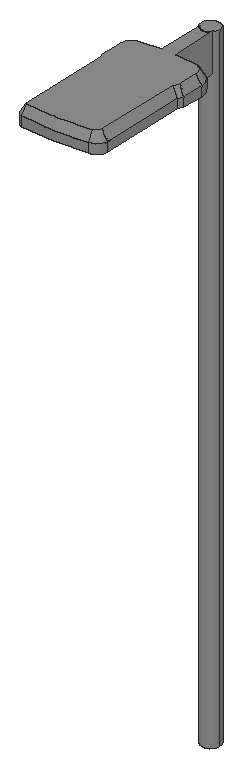
Revit family "VP-3-AD_U", category Lighting Fixtures, host Face, Revit 2019
Family settings
  Host = Face
  Round Connector Dimension = Use Diameter
  Part Type = Normal
  OmniClass Number = 23.80.70.11.14.17
  OmniClass Title = Direct/Indirect
  Cut with Voids When Loaded = No
  Light Source = No
  Shared = Yes
  Room Calculation Point = No
Parameters (values of type "VP-3-AD3U")
  Wattage Comments = "423 W"  # constant formula
  Warranty = "Five year warranty"  # constant formula
  Voltage = 120 V
  URL = "https://www.currentlighting.com/beacon"
  Type Comments = "Lighting Fixture"  # constant formula
  Product Page URL = "https://www.currentlighting.com/outdoor-lighting/viper-area-size-3/9606405"
  Product Documentation Link = "https://cdn.currentlighting.com/site/specsheet/BEA_VIPERSPEC.pdf"
  Power Factor = 0.9
  Pole Radius [instance] = Pole Size / 2  # 1.75"
  Pole Height [instance] = 120.00"
  Name = "Viper Area Size 3"  # constant formula
  Mounting Block Size [instance] = Pole Size - 1.00"  # 2.50"
  Model = "VP-3-AD3U"
  Matt Grey = MATT GREY
  Matt Black = Matt Black
  Manufacturer = "Current Lighting"  # constant formula
  Load Classification = Lighting
  Light Output = 30846.00 cd/m²
  Lamp = "LED"  # constant formula
  Grey = Grey
  Glass = Glass
  Pole Size [instance] = 3.50"
  Features = "Featuring two different optical technologies, Micro Strike and Strike Optics, which provide the best distribution patterns for retrofit or new construction\r\nVibration rated for high vibration applications including bridges and overpasses\r\nControl options including photo control, occupancy sensing, NX Lighting Controls, wiSCAPE and 7-Pin with networked controls\r\nMounting options include: Arm, Universal Arm, Adjustable Arm, Mast Arm, Decorative Arm, Knuckle, Trunnion, Wall\r\nDistribution options include: Auto Front Row, Type 2, Type 3, Type 4 Forward, Type 4 Wide, Type 5 Narrow, Type 5 Medium, Type 5 Wide, Type 5 Rectangular, Corner Optic, and Tennis Court\r\n\r\n"  # constant formula
  Copyright = "© 2022 Current Lighting"  # constant formula
  Cool Grey = Cool Grey
  Contact Us = "https://www.currentlighting.com/contact-us"
  Certification = "UL"  # constant formula
  Description = "The Viper is an extremely versatile area/site luminaire which blends design, performance, and technology for a variety of applications."  # constant formula
  Default Elevation = 48.00"
  Finish = Arctic White
  Matt White = Matt White
  CRI = "70"  # constant formula
  Brand = "Beacon"  # constant formula
  Assembly Code = "D5020200"
  Apparent Load = 423 VA  # constant formula
Reference planes (in)
  plane 1 "Center (Front/Back)": y = 6.16697
  plane 2: z = 0
  plane 3 "Center (Left/Right)": x = 0
  plane 4: z = 3.75
  plane 5: z = -4.44
  plane 6: x = -1.75
  plane 7: x = 1.75
  plane 8: y = 4.41697
  plane 9: y = 7.91697
  plane 10: z = 120
Forms (in)
  Extrusion 1, solid, material "Cool Grey" <- "Cool Grey"
    sketch origin (0, 0, 0) x (1, 0, 0) y (0, 1, 0)
      loop
        circle (0, 6.16697) r 1.75
    from 0 to 120
Lines and regions (in)
  reference lines
    curve 1: line (0, 14.42606, -3.25) -> (0, 17.42606, -0.25)
    curve 2: line (0, -2.09213, -3.25) -> (0, 14.42606, -3.25)
    curve 3: line (0, -5.09213, -0.25) -> (0, -2.09213, -3.25)
    curve 4: line (0, 14.42606, -3.25) -> (0, 17.42606, -0.25)
    curve 5: line (0, -5.09213, -0.25) -> (0, 17.42606, -0.25)
    curve 6: line (0, 17.17606, -0.77432) -> (0, 17.92606, -0.77432)
    curve 7: line (0, 17.17606, -1.52432) -> (0, 17.17606, -0.77432)
    curve 8: line (0, 16.69614, -1.52432) -> (0, 17.17606, -1.52432)
    curve 9: line (0, 14.92606, -4.25) -> (0, 16.69614, -1.52432)
    curve 10: line (0, -4.3622, -1.52432) -> (0, -2.59213, -4.25)
    curve 11: line (0, -4.84213, -1.52432) -> (0, -4.3622, -1.52432)
    curve 12: line (0, -4.84213, -0.77432) -> (0, -4.84213, -1.52432)
    curve 13: line (0, -5.59213, -0.77432) -> (0, -4.84213, -0.77432)
Dimensions and locks (in)
  plane 4 to plane 2 = 3.75"
  "Pole Size": plane 8 to plane 9
  equal spacing: plane 8, plane 1 "Center (Front/Back)", plane 9
  equal spacing: plane 6, plane 3 "Center (Left/Right)", plane 7
  "Pole Size": plane 6 to plane 7
  "Pole Height": plane 10 to plane 2
  "Pole Radius": radius of Extrusion 1 sketch curve
  aligned and locked: plane 2 to host face
  aligned and locked: level to host face
  aligned and locked: plane 10 to Extrusion 1
  aligned and locked: plane 3 "Center (Left/Right)" to nested 1
  aligned and locked: nested 1 to plane 10
Automatic sketch dimensions
  host sketch curve to host sketch curve = 96.00"
  host sketch curve to host sketch curve = 85.00"
  curve 3 to level = 0.25"
  plane 8 to curve 3 = 9.50909"
  curve 3 to curve 12 = 0.25"
  curve 11 to curve 11 = 0.47992"
  curve 2 to plane 5 = 1.19"
  curve 10 to curve 2 = 2.27008"
  curve 1 to plane 9 = 6.50909"
  curve 9 to level = 1.52432"
  curve 1 to curve 9 = 2.27008"
  curve 8 to curve 8 = 0.47992"
  curve 6 to curve 4 = 0.25"
  curve 10 to curve 3 = 1.27432"
  curve 7 to curve 1 = 0.52432"
  curve 12 to curve 3 = 0.52432"
  curve 13 to curve 3 = 0.50"
  curve 10 to plane 5 = 0.19"
  curve 10 to curve 2 = 0.50"
  curve 9 to plane 5 = 0.19"
  curve 1 to curve 9 = 0.50"
  curve 1 to curve 6 = 0.50"
  plane 1 "Center (Front/Back)" to Extrusion 1 sketch curve = 0.00"
  Extrusion 1 sketch curve to plane 3 "Center (Left/Right)" = 0.00"
Nested families (in)
  nested 1: "SIZE3-ADU" at (0, 4.41697, 118.26) x (1, 0, 0) z (0, -1, 0), type "SIZE3-ADU"
Connectors (in)
  electrical at (0, 6.16697, 0), driven by "Power Factor", driven by "Apparent Load", driven by "Voltage"
    settings: on Extrusion 1, index 1, voltage 120 V, apparent load 423 VA, apparent load phase1 0 VA, apparent load phase2 0 VA, apparent load phase3 0 VA, power factor 0.9, load classification "Other", number of poles 1, system type 30, power factor state 1, is connector primary yes, connector utility no, sub classification motor no, connector description "Light Fixture"
Definition of nested family "SIZE3-ADU"
  Parameters (values of type "SIZE3-ADU")
    Width = 16.11"
    Wattage = 423.2 W
    built-in parameter 1150110 = 1 (stored number, unit not read)
    built-in parameter 1114217 = 1 (stored number, unit not read)
    Tilt Angle = 160.00°
    built-in parameter 1150109 = 1 (stored number, unit not read)
    built-in parameter 1150134 = 3
    built-in parameter 1150113 = 1 (stored number, unit not read)
    Photometric Web File = "VP-3-480L-425-3K7-4W-BC.ies"
    Mount Length = 7.50"
    built-in parameter 1150105 = 2458.4 (stored number, unit not read)
    Lumens = 30893.6 lm
    built-in parameter 1150115 = 1 (stored number, unit not read)
    built-in parameter 1150137 = (empty or 0)
    built-in parameter 1150139 = (empty or 0)
    Length = 26.97"
    built-in parameter 1150112 = 1 (stored number, unit not read)
    built-in parameter 1150114 = 1 (stored number, unit not read)
    built-in parameter 1150132 = (empty or 0)
    built-in parameter 1150102 = (empty or 0)
    built-in parameter 1150107 = 3200 (stored number, unit not read)
    built-in parameter 1150138 = (empty or 0)
    built-in parameter 1150106 = 24.584 (stored number, unit not read)
    Glass = none
    Fixture = none
    built-in parameter 1150104 = 6.7819 (stored number, unit not read)
    Dimming Lamp Color Temperature Shift = (empty or 0)
    Default Elevation = 48.00"
    Color Filter = 16777215
    built-in parameter 1114218 = 1 (stored number, unit not read)
    built-in parameter 1150133 = 10 (stored number, unit not read)
  Reference planes (in)
    plane 1 "Center (Front/Back)": y = 0
    plane 2: z = 0
    plane 3 "Center (Left/Right)": x = 0
    plane 4: x = 8.055
    plane 5: x = -8.055
    plane 6: z = 7.5
    plane 7: z = 34.47
    plane 8: y = -1.74
    plane 9: y = 1.74
  Forms (in)
    Extrusion 1, solid
      sketch origin (0, 0, 0) x (1, 0, 0) y (0, 1, 0)
        loop
          line (-48, 48) -> (-48, -48) -> (48, -48) -> (48, 48) -> (-48, 48)
      from 0 to -12
    Extrusion 2, solid, material <- "Fixture"
      sketch origin (0, 0, 0) x (1, 0, 0) y (0, 0, 1)
        loop
          line (-7.77472, 15.72202) -> (-8.18, 14.67799) -> (-8.18, 10.64521)
          arc (-8.18, 10.64521) -> (-7.52407, 8.68733) -> (-5.82104, 7.51974) r 3.25
          arc (-5.82104, 7.51974) -> (0, 7.02866) -> (5.82104, 7.51974) r 34.74571
          arc (5.82104, 7.51974) -> (7.52407, 8.68733) -> (8.18, 10.64521) r 3.25
          line (8.18, 10.64521) -> (8.18, 14.67799) -> (7.7425, 15.80502) -> (7.7425, 32.05879)
          arc (7.7425, 32.05879) -> (7.16964, 33.45997) -> (5.77922, 34.05846) r 2
          arc (5.77922, 34.05846) -> (-0.48981, 34.44343) -> (-6.75192, 33.95884) r 45.36519
          arc (-6.75192, 33.95884) -> (-7.48558, 33.52919) -> (-7.77472, 32.72966) r 1.25
          line (-7.77472, 32.72966) -> (-7.77472, 15.72202)
      from 0 to 1.74
    Extrusion 3, void
      sketch origin (0, 0, 0) x (1, 0, 0) y (0, 0, 1)
        loop
          arc (-6.77608, 15.13973) -> (0.07705, 15.56709) -> (6.93, 15.13674) r 54.96889
          line (6.93, 15.13674) -> (6.93, 32.15182) -> (-6.77608, 32.15182) -> (-6.77608, 15.13973)
      from 1 to 1.75
    Extrusion 4, solid, material <- "Glass"
      sketch origin (0, 0, 0) x (1, 0, 0) y (0, 0, 1)
        loop
          arc (-5.55487, 32.15182) -> (-5.80236, 32.04931) -> (-5.90487, 31.80182) r 0.35
          line (-5.90487, 31.80182) -> (-5.90487, 27.00182)
          arc (-5.90487, 27.00182) -> (-5.80236, 26.75434) -> (-5.55487, 26.65182) r 0.35
          line (-5.55487, 26.65182) -> (5.55487, 26.65182)
          arc (5.55487, 26.65182) -> (5.80236, 26.75434) -> (5.90487, 27.00182) r 0.35
          line (5.90487, 27.00182) -> (5.90487, 31.80182)
          arc (5.90487, 31.80182) -> (5.80236, 32.04931) -> (5.55487, 32.15182) r 0.35
          line (5.55487, 32.15182) -> (-5.55487, 32.15182)
      from 1 to 1.35
    Extrusion 5, solid, material <- "Glass"
      sketch origin (0.75, 0, 0.125) x (1, 0, 0) y (0, 0, 1)
        loop
          circle (-5.72329, 31.32694) r 0.15
        loop
          circle (-5.20455, 31.32694) r 0.15
        loop
          circle (-4.6858, 31.32694) r 0.15
        loop
          circle (-4.16705, 31.32694) r 0.15
        loop
          circle (-3.6483, 31.32694) r 0.15
        loop
          circle (-3.12955, 31.32694) r 0.15
        loop
          circle (-2.6108, 31.32694) r 0.15
        loop
          circle (-2.09205, 31.32694) r 0.15
        loop
          circle (-1.57331, 31.32694) r 0.15
        loop
          circle (-5.72329, 30.82694) r 0.15
        loop
          circle (-5.20455, 30.82694) r 0.15
        loop
          circle (-4.6858, 30.82694) r 0.15
        loop
          circle (-4.16705, 30.82694) r 0.15
        loop
          circle (-3.6483, 30.82694) r 0.15
        loop
          circle (-3.12955, 30.82694) r 0.15
        loop
          circle (-2.6108, 30.82694) r 0.15
        loop
          circle (-2.09205, 30.82694) r 0.15
        loop
          circle (-1.57331, 30.82694) r 0.15
        loop
          circle (-5.72329, 30.32694) r 0.15
        loop
          circle (-5.20455, 30.32694) r 0.15
        loop
          circle (-4.6858, 30.32694) r 0.15
        loop
          circle (-4.16705, 30.32694) r 0.15
        loop
          circle (-3.6483, 30.32694) r 0.15
        loop
          circle (-3.12955, 30.32694) r 0.15
        loop
          circle (-2.6108, 30.32694) r 0.15
        loop
          circle (-2.09205, 30.32694) r 0.15
        loop
          circle (-1.57331, 30.32694) r 0.15
        loop
          circle (-5.72329, 29.82694) r 0.15
        loop
          circle (-5.20455, 29.82694) r 0.15
        loop
          circle (-4.6858, 29.82694) r 0.15
        loop
          circle (-4.16705, 29.82694) r 0.15
        loop
          circle (-3.6483, 29.82694) r 0.15
        loop
          circle (-3.12955, 29.82694) r 0.15
        loop
          circle (-2.6108, 29.82694) r 0.15
        loop
          circle (-2.09205, 29.82694) r 0.15
        loop
          circle (-1.57331, 29.82694) r 0.15
        loop
          circle (-5.72329, 29.32694) r 0.15
        loop
          circle (-5.20455, 29.32694) r 0.15
        loop
          circle (-4.6858, 29.32694) r 0.15
        loop
          circle (-4.16705, 29.32694) r 0.15
        loop
          circle (-3.6483, 29.32694) r 0.15
        loop
          circle (-3.12955, 29.32694) r 0.15
        loop
          circle (-2.6108, 29.32694) r 0.15
        loop
          circle (-2.09205, 29.32694) r 0.15
        loop
          circle (-1.57331, 29.32694) r 0.15
        loop
          circle (-5.72329, 28.82694) r 0.15
        loop
          circle (-5.20455, 28.82694) r 0.15
        loop
          circle (-4.6858, 28.82694) r 0.15
        loop
          circle (-4.16705, 28.82694) r 0.15
        loop
          circle (-3.6483, 28.82694) r 0.15
        loop
          circle (-3.12955, 28.82694) r 0.15
        loop
          circle (-2.6108, 28.82694) r 0.15
        loop
          circle (-2.09205, 28.82694) r 0.15
        loop
          circle (-1.57331, 28.82694) r 0.15
        loop
          circle (-5.72329, 28.32694) r 0.15
        loop
          circle (-5.20455, 28.32694) r 0.15
        loop
          circle (-4.6858, 28.32694) r 0.15
        loop
          circle (-4.16705, 28.32694) r 0.15
        loop
          circle (-3.6483, 28.32694) r 0.15
        loop
          circle (-3.12955, 28.32694) r 0.15
        loop
          circle (-2.6108, 28.32694) r 0.15
        loop
          circle (-2.09205, 28.32694) r 0.15
        loop
          circle (-1.57331, 28.32694) r 0.15
        loop
          circle (-5.72329, 27.82694) r 0.15
        loop
          circle (-5.20455, 27.82694) r 0.15
        loop
          circle (-4.6858, 27.82694) r 0.15
        loop
          circle (-4.16705, 27.82694) r 0.15
        loop
          circle (-3.6483, 27.82694) r 0.15
        loop
          circle (-3.12955, 27.82694) r 0.15
        loop
          circle (-2.6108, 27.82694) r 0.15
        loop
          circle (-2.09205, 27.82694) r 0.15
        loop
          circle (-1.57331, 27.82694) r 0.15
        loop
          circle (-5.72329, 27.32694) r 0.15
        loop
          circle (-5.20455, 27.32694) r 0.15
        loop
          circle (-4.6858, 27.32694) r 0.15
        loop
          circle (-4.16705, 27.32694) r 0.15
        loop
          circle (-3.6483, 27.32694) r 0.15
        loop
          circle (-3.12955, 27.32694) r 0.15
        loop
          circle (-2.6108, 27.32694) r 0.15
        loop
          circle (-2.09205, 27.32694) r 0.15
        loop
          circle (-1.57331, 27.32694) r 0.15
      from 1.35 to 1.4
    Extrusion 6, solid, material <- "Glass"
      sketch origin (0, 0, 0.125) x (1, 0, 0) y (0, 0, 1)
        loop
          arc (-5.41155, 31.8309) -> (-5.58833, 31.75768) -> (-5.66155, 31.5809) r 0.25
          line (-5.66155, 31.5809) -> (-5.66155, 27.0809)
          arc (-5.66155, 27.0809) -> (-5.58833, 26.90412) -> (-5.41155, 26.8309) r 0.25
          line (-5.41155, 26.8309) -> (-0.54655, 26.8309)
          arc (-0.54655, 26.8309) -> (-0.36977, 26.90412) -> (-0.29655, 27.0809) r 0.25
          line (-0.29655, 27.0809) -> (-0.29655, 31.5809)
          arc (-0.29655, 31.5809) -> (-0.36977, 31.75768) -> (-0.54655, 31.8309) r 0.25
          line (-0.54655, 31.8309) -> (-5.41155, 31.8309)
      from 1.35 to 1.37213
    Extrusion 7, solid, material <- "Fixture"
      sketch origin (0.125, 0, 12.5) x (1, 0, 0) y (0, 1, 0)
        loop
          line (5.93193, -1) -> (5.93193, -1.20146)
          arc (5.93193, -1.20146) -> (5.93867, -1.23973) -> (5.95811, -1.27339) r 0.1119
          line (5.95811, -1.27339) -> (6.31867, -1.70309)
          arc (6.31867, -1.70309) -> (6.34664, -1.72455) -> (6.38107, -1.73219) r 0.08147
          line (6.38107, -1.73219) -> (6.805, -1.73219) -> (6.805, -1) -> (5.93193, -1)
      from 18.55 to 18.65
    Extrusion 8, solid, material <- "Glass"
      sketch origin (-0.75, 0, 0.125) x (-1, 0, 0) y (0, 0, -1)
        loop
          circle (-5.72329, -31.32694) r 0.15
        loop
          circle (-5.20455, -31.32694) r 0.15
        loop
          circle (-4.6858, -31.32694) r 0.15
        loop
          circle (-4.16705, -31.32694) r 0.15
        loop
          circle (-3.6483, -31.32694) r 0.15
        loop
          circle (-3.12955, -31.32694) r 0.15
        loop
          circle (-2.6108, -31.32694) r 0.15
        loop
          circle (-2.09205, -31.32694) r 0.15
        loop
          circle (-1.57331, -31.32694) r 0.15
        loop
          circle (-5.72329, -30.82694) r 0.15
        loop
          circle (-5.20455, -30.82694) r 0.15
        loop
          circle (-4.6858, -30.82694) r 0.15
        loop
          circle (-4.16705, -30.82694) r 0.15
        loop
          circle (-3.6483, -30.82694) r 0.15
        loop
          circle (-3.12955, -30.82694) r 0.15
        loop
          circle (-2.6108, -30.82694) r 0.15
        loop
          circle (-2.09205, -30.82694) r 0.15
        loop
          circle (-1.57331, -30.82694) r 0.15
        loop
          circle (-5.72329, -30.32694) r 0.15
        loop
          circle (-5.20455, -30.32694) r 0.15
        loop
          circle (-4.6858, -30.32694) r 0.15
        loop
          circle (-4.16705, -30.32694) r 0.15
        loop
          circle (-3.6483, -30.32694) r 0.15
        loop
          circle (-3.12955, -30.32694) r 0.15
        loop
          circle (-2.6108, -30.32694) r 0.15
        loop
          circle (-2.09205, -30.32694) r 0.15
        loop
          circle (-1.57331, -30.32694) r 0.15
        loop
          circle (-5.72329, -29.82694) r 0.15
        loop
          circle (-5.20455, -29.82694) r 0.15
        loop
          circle (-4.6858, -29.82694) r 0.15
        loop
          circle (-4.16705, -29.82694) r 0.15
        loop
          circle (-3.6483, -29.82694) r 0.15
        loop
          circle (-3.12955, -29.82694) r 0.15
        loop
          circle (-2.6108, -29.82694) r 0.15
        loop
          circle (-2.09205, -29.82694) r 0.15
        loop
          circle (-1.57331, -29.82694) r 0.15
        loop
          circle (-5.72329, -29.32694) r 0.15
        loop
          circle (-5.20455, -29.32694) r 0.15
        loop
          circle (-4.6858, -29.32694) r 0.15
        loop
          circle (-4.16705, -29.32694) r 0.15
        loop
          circle (-3.6483, -29.32694) r 0.15
        loop
          circle (-3.12955, -29.32694) r 0.15
        loop
          circle (-2.6108, -29.32694) r 0.15
        loop
          circle (-2.09205, -29.32694) r 0.15
        loop
          circle (-1.57331, -29.32694) r 0.15
        loop
          circle (-5.72329, -28.82694) r 0.15
        loop
          circle (-5.20455, -28.82694) r 0.15
        loop
          circle (-4.6858, -28.82694) r 0.15
        loop
          circle (-4.16705, -28.82694) r 0.15
        loop
          circle (-3.6483, -28.82694) r 0.15
        loop
          circle (-3.12955, -28.82694) r 0.15
        loop
          circle (-2.6108, -28.82694) r 0.15
        loop
          circle (-2.09205, -28.82694) r 0.15
        loop
          circle (-1.57331, -28.82694) r 0.15
        loop
          circle (-5.72329, -28.32694) r 0.15
        loop
          circle (-5.20455, -28.32694) r 0.15
        loop
          circle (-4.6858, -28.32694) r 0.15
        loop
          circle (-4.16705, -28.32694) r 0.15
        loop
          circle (-3.6483, -28.32694) r 0.15
        loop
          circle (-3.12955, -28.32694) r 0.15
        loop
          circle (-2.6108, -28.32694) r 0.15
        loop
          circle (-2.09205, -28.32694) r 0.15
        loop
          circle (-1.57331, -28.32694) r 0.15
        loop
          circle (-5.72329, -27.82694) r 0.15
        loop
          circle (-5.20455, -27.82694) r 0.15
        loop
          circle (-4.6858, -27.82694) r 0.15
        loop
          circle (-4.16705, -27.82694) r 0.15
        loop
          circle (-3.6483, -27.82694) r 0.15
        loop
          circle (-3.12955, -27.82694) r 0.15
        loop
          circle (-2.6108, -27.82694) r 0.15
        loop
          circle (-2.09205, -27.82694) r 0.15
        loop
          circle (-1.57331, -27.82694) r 0.15
        loop
          circle (-5.72329, -27.32694) r 0.15
        loop
          circle (-5.20455, -27.32694) r 0.15
        loop
          circle (-4.6858, -27.32694) r 0.15
        loop
          circle (-4.16705, -27.32694) r 0.15
        loop
          circle (-3.6483, -27.32694) r 0.15
        loop
          circle (-3.12955, -27.32694) r 0.15
        loop
          circle (-2.6108, -27.32694) r 0.15
        loop
          circle (-2.09205, -27.32694) r 0.15
        loop
          circle (-1.57331, -27.32694) r 0.15
      from 1.35 to 1.4
    Extrusion 9, solid, material <- "Glass"
      sketch origin (0, 0, 0.125) x (-1, 0, 0) y (0, 0, -1)
        loop
          line (-5.41155, -31.8309) -> (-0.54655, -31.8309)
          arc (-0.54655, -31.8309) -> (-0.36977, -31.75768) -> (-0.29655, -31.5809) r 0.25
          line (-0.29655, -31.5809) -> (-0.29655, -27.0809)
          arc (-0.29655, -27.0809) -> (-0.36977, -26.90412) -> (-0.54655, -26.8309) r 0.25
          line (-0.54655, -26.8309) -> (-5.41155, -26.8309)
          arc (-5.41155, -26.8309) -> (-5.58833, -26.90412) -> (-5.66155, -27.0809) r 0.25
          line (-5.66155, -27.0809) -> (-5.66155, -31.5809)
          arc (-5.66155, -31.5809) -> (-5.58833, -31.75768) -> (-5.41155, -31.8309) r 0.25
      from 1.35 to 1.37213
    Extrusion 10, solid, material <- "Glass"
      sketch origin (0, 0, -5.25) x (1, 0, 0) y (0, 0, 1)
        loop
          arc (-5.55487, 31.90182) -> (-5.80236, 31.79931) -> (-5.90487, 31.55182) r 0.35
          line (-5.90487, 31.55182) -> (-5.90487, 26.75182)
          arc (-5.90487, 26.75182) -> (-5.80236, 26.50434) -> (-5.55487, 26.40182) r 0.35
          line (-5.55487, 26.40182) -> (5.55487, 26.40182)
          arc (5.55487, 26.40182) -> (5.80236, 26.50434) -> (5.90487, 26.75182) r 0.35
          line (5.90487, 26.75182) -> (5.90487, 31.55182)
          arc (5.90487, 31.55182) -> (5.80236, 31.79931) -> (5.55487, 31.90182) r 0.35
          line (5.55487, 31.90182) -> (-5.55487, 31.90182)
      from 1 to 1.35
    Extrusion 11, solid, material <- "Glass"
      sketch origin (0.75, 0, -5.375) x (1, 0, 0) y (0, 0, 1)
        loop
          circle (-5.72329, 31.32694) r 0.15
        loop
          circle (-5.20455, 31.32694) r 0.15
        loop
          circle (-4.6858, 31.32694) r 0.15
        loop
          circle (-4.16705, 31.32694) r 0.15
        loop
          circle (-3.6483, 31.32694) r 0.15
        loop
          circle (-3.12955, 31.32694) r 0.15
        loop
          circle (-2.6108, 31.32694) r 0.15
        loop
          circle (-2.09205, 31.32694) r 0.15
        loop
          circle (-1.57331, 31.32694) r 0.15
        loop
          circle (-5.72329, 30.82694) r 0.15
        loop
          circle (-5.20455, 30.82694) r 0.15
        loop
          circle (-4.6858, 30.82694) r 0.15
        loop
          circle (-4.16705, 30.82694) r 0.15
        loop
          circle (-3.6483, 30.82694) r 0.15
        loop
          circle (-3.12955, 30.82694) r 0.15
        loop
          circle (-2.6108, 30.82694) r 0.15
        loop
          circle (-2.09205, 30.82694) r 0.15
        loop
          circle (-1.57331, 30.82694) r 0.15
        loop
          circle (-5.72329, 30.32694) r 0.15
        loop
          circle (-5.20455, 30.32694) r 0.15
        loop
          circle (-4.6858, 30.32694) r 0.15
        loop
          circle (-4.16705, 30.32694) r 0.15
        loop
          circle (-3.6483, 30.32694) r 0.15
        loop
          circle (-3.12955, 30.32694) r 0.15
        loop
          circle (-2.6108, 30.32694) r 0.15
        loop
          circle (-2.09205, 30.32694) r 0.15
        loop
          circle (-1.57331, 30.32694) r 0.15
        loop
          circle (-5.72329, 29.82694) r 0.15
        loop
          circle (-5.20455, 29.82694) r 0.15
        loop
          circle (-4.6858, 29.82694) r 0.15
        loop
          circle (-4.16705, 29.82694) r 0.15
        loop
          circle (-3.6483, 29.82694) r 0.15
        loop
          circle (-3.12955, 29.82694) r 0.15
        loop
          circle (-2.6108, 29.82694) r 0.15
        loop
          circle (-2.09205, 29.82694) r 0.15
        loop
          circle (-1.57331, 29.82694) r 0.15
        loop
          circle (-5.72329, 29.32694) r 0.15
        loop
          circle (-5.20455, 29.32694) r 0.15
        loop
          circle (-4.6858, 29.32694) r 0.15
        loop
          circle (-4.16705, 29.32694) r 0.15
        loop
          circle (-3.6483, 29.32694) r 0.15
        loop
          circle (-3.12955, 29.32694) r 0.15
        loop
          circle (-2.6108, 29.32694) r 0.15
        loop
          circle (-2.09205, 29.32694) r 0.15
        loop
          circle (-1.57331, 29.32694) r 0.15
        loop
          circle (-5.72329, 28.82694) r 0.15
        loop
          circle (-5.20455, 28.82694) r 0.15
        loop
          circle (-4.6858, 28.82694) r 0.15
        loop
          circle (-4.16705, 28.82694) r 0.15
        loop
          circle (-3.6483, 28.82694) r 0.15
        loop
          circle (-3.12955, 28.82694) r 0.15
        loop
          circle (-2.6108, 28.82694) r 0.15
        loop
          circle (-2.09205, 28.82694) r 0.15
        loop
          circle (-1.57331, 28.82694) r 0.15
        loop
          circle (-5.72329, 28.32694) r 0.15
        loop
          circle (-5.20455, 28.32694) r 0.15
        loop
          circle (-4.6858, 28.32694) r 0.15
        loop
          circle (-4.16705, 28.32694) r 0.15
        loop
          circle (-3.6483, 28.32694) r 0.15
        loop
          circle (-3.12955, 28.32694) r 0.15
        loop
          circle (-2.6108, 28.32694) r 0.15
        loop
          circle (-2.09205, 28.32694) r 0.15
        loop
          circle (-1.57331, 28.32694) r 0.15
        loop
          circle (-5.72329, 27.82694) r 0.15
        loop
          circle (-5.20455, 27.82694) r 0.15
        loop
          circle (-4.6858, 27.82694) r 0.15
        loop
          circle (-4.16705, 27.82694) r 0.15
        loop
          circle (-3.6483, 27.82694) r 0.15
        loop
          circle (-3.12955, 27.82694) r 0.15
        loop
          circle (-2.6108, 27.82694) r 0.15
        loop
          circle (-2.09205, 27.82694) r 0.15
        loop
          circle (-1.57331, 27.82694) r 0.15
        loop
          circle (-5.72329, 27.32694) r 0.15
        loop
          circle (-5.20455, 27.32694) r 0.15
        loop
          circle (-4.6858, 27.32694) r 0.15
        loop
          circle (-4.16705, 27.32694) r 0.15
        loop
          circle (-3.6483, 27.32694) r 0.15
        loop
          circle (-3.12955, 27.32694) r 0.15
        loop
          circle (-2.6108, 27.32694) r 0.15
        loop
          circle (-2.09205, 27.32694) r 0.15
        loop
          circle (-1.57331, 27.32694) r 0.15
      from 1.35 to 1.4
    Extrusion 12, solid, material <- "Glass"
      sketch origin (0, 0, -5.375) x (1, 0, 0) y (0, 0, 1)
        loop
          arc (-5.41155, 31.8309) -> (-5.58833, 31.75768) -> (-5.66155, 31.5809) r 0.25
          line (-5.66155, 31.5809) -> (-5.66155, 27.0809)
          arc (-5.66155, 27.0809) -> (-5.58833, 26.90412) -> (-5.41155, 26.8309) r 0.25
          line (-5.41155, 26.8309) -> (-0.54655, 26.8309)
          arc (-0.54655, 26.8309) -> (-0.36977, 26.90412) -> (-0.29655, 27.0809) r 0.25
          line (-0.29655, 27.0809) -> (-0.29655, 31.5809)
          arc (-0.29655, 31.5809) -> (-0.36977, 31.75768) -> (-0.54655, 31.8309) r 0.25
          line (-0.54655, 31.8309) -> (-5.41155, 31.8309)
      from 1.35 to 1.37213
    Extrusion 13, solid, material <- "Glass"
      sketch origin (-0.75, 0, -5.375) x (-1, 0, 0) y (0, 0, -1)
        loop
          circle (-5.72329, -31.32694) r 0.15
        loop
          circle (-5.20455, -31.32694) r 0.15
        loop
          circle (-4.6858, -31.32694) r 0.15
        loop
          circle (-4.16705, -31.32694) r 0.15
        loop
          circle (-3.6483, -31.32694) r 0.15
        loop
          circle (-3.12955, -31.32694) r 0.15
        loop
          circle (-2.6108, -31.32694) r 0.15
        loop
          circle (-2.09205, -31.32694) r 0.15
        loop
          circle (-1.57331, -31.32694) r 0.15
        loop
          circle (-5.72329, -30.82694) r 0.15
        loop
          circle (-5.20455, -30.82694) r 0.15
        loop
          circle (-4.6858, -30.82694) r 0.15
        loop
          circle (-4.16705, -30.82694) r 0.15
        loop
          circle (-3.6483, -30.82694) r 0.15
        loop
          circle (-3.12955, -30.82694) r 0.15
        loop
          circle (-2.6108, -30.82694) r 0.15
        loop
          circle (-2.09205, -30.82694) r 0.15
        loop
          circle (-1.57331, -30.82694) r 0.15
        loop
          circle (-5.72329, -30.32694) r 0.15
        loop
          circle (-5.20455, -30.32694) r 0.15
        loop
          circle (-4.6858, -30.32694) r 0.15
        loop
          circle (-4.16705, -30.32694) r 0.15
        loop
          circle (-3.6483, -30.32694) r 0.15
        loop
          circle (-3.12955, -30.32694) r 0.15
        loop
          circle (-2.6108, -30.32694) r 0.15
        loop
          circle (-2.09205, -30.32694) r 0.15
        loop
          circle (-1.57331, -30.32694) r 0.15
        loop
          circle (-5.72329, -29.82694) r 0.15
        loop
          circle (-5.20455, -29.82694) r 0.15
        loop
          circle (-4.6858, -29.82694) r 0.15
        loop
          circle (-4.16705, -29.82694) r 0.15
        loop
          circle (-3.6483, -29.82694) r 0.15
        loop
          circle (-3.12955, -29.82694) r 0.15
        loop
          circle (-2.6108, -29.82694) r 0.15
        loop
          circle (-2.09205, -29.82694) r 0.15
        loop
          circle (-1.57331, -29.82694) r 0.15
        loop
          circle (-5.72329, -29.32694) r 0.15
        loop
          circle (-5.20455, -29.32694) r 0.15
        loop
          circle (-4.6858, -29.32694) r 0.15
        loop
          circle (-4.16705, -29.32694) r 0.15
        loop
          circle (-3.6483, -29.32694) r 0.15
        loop
          circle (-3.12955, -29.32694) r 0.15
        loop
          circle (-2.6108, -29.32694) r 0.15
        loop
          circle (-2.09205, -29.32694) r 0.15
        loop
          circle (-1.57331, -29.32694) r 0.15
        loop
          circle (-5.72329, -28.82694) r 0.15
        loop
          circle (-5.20455, -28.82694) r 0.15
        loop
          circle (-4.6858, -28.82694) r 0.15
        loop
          circle (-4.16705, -28.82694) r 0.15
        loop
          circle (-3.6483, -28.82694) r 0.15
        loop
          circle (-3.12955, -28.82694) r 0.15
        loop
          circle (-2.6108, -28.82694) r 0.15
        loop
          circle (-2.09205, -28.82694) r 0.15
        loop
          circle (-1.57331, -28.82694) r 0.15
        loop
          circle (-5.72329, -28.32694) r 0.15
        loop
          circle (-5.20455, -28.32694) r 0.15
        loop
          circle (-4.6858, -28.32694) r 0.15
        loop
          circle (-4.16705, -28.32694) r 0.15
        loop
          circle (-3.6483, -28.32694) r 0.15
        loop
          circle (-3.12955, -28.32694) r 0.15
        loop
          circle (-2.6108, -28.32694) r 0.15
        loop
          circle (-2.09205, -28.32694) r 0.15
        loop
          circle (-1.57331, -28.32694) r 0.15
        loop
          circle (-5.72329, -27.82694) r 0.15
        loop
          circle (-5.20455, -27.82694) r 0.15
        loop
          circle (-4.6858, -27.82694) r 0.15
        loop
          circle (-4.16705, -27.82694) r 0.15
        loop
          circle (-3.6483, -27.82694) r 0.15
        loop
          circle (-3.12955, -27.82694) r 0.15
        loop
          circle (-2.6108, -27.82694) r 0.15
        loop
          circle (-2.09205, -27.82694) r 0.15
        loop
          circle (-1.57331, -27.82694) r 0.15
        loop
          circle (-5.72329, -27.32694) r 0.15
        loop
          circle (-5.20455, -27.32694) r 0.15
        loop
          circle (-4.6858, -27.32694) r 0.15
        loop
          circle (-4.16705, -27.32694) r 0.15
        loop
          circle (-3.6483, -27.32694) r 0.15
        loop
          circle (-3.12955, -27.32694) r 0.15
        loop
          circle (-2.6108, -27.32694) r 0.15
        loop
          circle (-2.09205, -27.32694) r 0.15
        loop
          circle (-1.57331, -27.32694) r 0.15
      from 1.35 to 1.4
    Extrusion 14, solid, material <- "Glass"
      sketch origin (0, 0, -5.375) x (-1, 0, 0) y (0, 0, -1)
        loop
          line (-5.41155, -31.8309) -> (-0.54655, -31.8309)
          arc (-0.54655, -31.8309) -> (-0.36977, -31.75768) -> (-0.29655, -31.5809) r 0.25
          line (-0.29655, -31.5809) -> (-0.29655, -27.0809)
          arc (-0.29655, -27.0809) -> (-0.36977, -26.90412) -> (-0.54655, -26.8309) r 0.25
          line (-0.54655, -26.8309) -> (-5.41155, -26.8309)
          arc (-5.41155, -26.8309) -> (-5.58833, -26.90412) -> (-5.66155, -27.0809) r 0.25
          line (-5.66155, -27.0809) -> (-5.66155, -31.5809)
          arc (-5.66155, -31.5809) -> (-5.58833, -31.75768) -> (-5.41155, -31.8309) r 0.25
      from 1.35 to 1.37213
    Extrusion 15, solid, material <- "Glass"
      sketch origin (0, 0, 47.80365) x (1, 0, 0) y (0, 0, 1)
        loop
          line (-5.55487, -32.15182) -> (5.55487, -32.15182)
          arc (5.55487, -32.15182) -> (5.80236, -32.04931) -> (5.90487, -31.80182) r 0.35
          line (5.90487, -31.80182) -> (5.90487, -27.00182)
          arc (5.90487, -27.00182) -> (5.80236, -26.75434) -> (5.55487, -26.65182) r 0.35
          line (5.55487, -26.65182) -> (-5.55487, -26.65182)
          arc (-5.55487, -26.65182) -> (-5.80236, -26.75434) -> (-5.90487, -27.00182) r 0.35
          line (-5.90487, -27.00182) -> (-5.90487, -31.80182)
          arc (-5.90487, -31.80182) -> (-5.80236, -32.04931) -> (-5.55487, -32.15182) r 0.35
      from 1 to 1.35
    Extrusion 16, solid, material <- "Glass"
      sketch origin (0.75, 0, 47.67865) x (1, 0, 0) y (0, 0, 1)
        loop
          circle (-5.72329, -31.32694) r 0.15
        loop
          circle (-5.20455, -31.32694) r 0.15
        loop
          circle (-4.6858, -31.32694) r 0.15
        loop
          circle (-4.16705, -31.32694) r 0.15
        loop
          circle (-3.6483, -31.32694) r 0.15
        loop
          circle (-3.12955, -31.32694) r 0.15
        loop
          circle (-2.6108, -31.32694) r 0.15
        loop
          circle (-2.09205, -31.32694) r 0.15
        loop
          circle (-1.57331, -31.32694) r 0.15
        loop
          circle (-5.72329, -30.82694) r 0.15
        loop
          circle (-5.20455, -30.82694) r 0.15
        loop
          circle (-4.6858, -30.82694) r 0.15
        loop
          circle (-4.16705, -30.82694) r 0.15
        loop
          circle (-3.6483, -30.82694) r 0.15
        loop
          circle (-3.12955, -30.82694) r 0.15
        loop
          circle (-2.6108, -30.82694) r 0.15
        loop
          circle (-2.09205, -30.82694) r 0.15
        loop
          circle (-1.57331, -30.82694) r 0.15
        loop
          circle (-5.72329, -30.32694) r 0.15
        loop
          circle (-5.20455, -30.32694) r 0.15
        loop
          circle (-4.6858, -30.32694) r 0.15
        loop
          circle (-4.16705, -30.32694) r 0.15
        loop
          circle (-3.6483, -30.32694) r 0.15
        loop
          circle (-3.12955, -30.32694) r 0.15
        loop
          circle (-2.6108, -30.32694) r 0.15
        loop
          circle (-2.09205, -30.32694) r 0.15
        loop
          circle (-1.57331, -30.32694) r 0.15
        loop
          circle (-5.72329, -29.82694) r 0.15
        loop
          circle (-5.20455, -29.82694) r 0.15
        loop
          circle (-4.6858, -29.82694) r 0.15
        loop
          circle (-4.16705, -29.82694) r 0.15
        loop
          circle (-3.6483, -29.82694) r 0.15
        loop
          circle (-3.12955, -29.82694) r 0.15
        loop
          circle (-2.6108, -29.82694) r 0.15
        loop
          circle (-2.09205, -29.82694) r 0.15
        loop
          circle (-1.57331, -29.82694) r 0.15
        loop
          circle (-5.72329, -29.32694) r 0.15
        loop
          circle (-5.20455, -29.32694) r 0.15
        loop
          circle (-4.6858, -29.32694) r 0.15
        loop
          circle (-4.16705, -29.32694) r 0.15
        loop
          circle (-3.6483, -29.32694) r 0.15
        loop
          circle (-3.12955, -29.32694) r 0.15
        loop
          circle (-2.6108, -29.32694) r 0.15
        loop
          circle (-2.09205, -29.32694) r 0.15
        loop
          circle (-1.57331, -29.32694) r 0.15
        loop
          circle (-5.72329, -28.82694) r 0.15
        loop
          circle (-5.20455, -28.82694) r 0.15
        loop
          circle (-4.6858, -28.82694) r 0.15
        loop
          circle (-4.16705, -28.82694) r 0.15
        loop
          circle (-3.6483, -28.82694) r 0.15
        loop
          circle (-3.12955, -28.82694) r 0.15
        loop
          circle (-2.6108, -28.82694) r 0.15
        loop
          circle (-2.09205, -28.82694) r 0.15
        loop
          circle (-1.57331, -28.82694) r 0.15
        loop
          circle (-5.72329, -28.32694) r 0.15
        loop
          circle (-5.20455, -28.32694) r 0.15
        loop
          circle (-4.6858, -28.32694) r 0.15
        loop
          circle (-4.16705, -28.32694) r 0.15
        loop
          circle (-3.6483, -28.32694) r 0.15
        loop
          circle (-3.12955, -28.32694) r 0.15
        loop
          circle (-2.6108, -28.32694) r 0.15
        loop
          circle (-2.09205, -28.32694) r 0.15
        loop
          circle (-1.57331, -28.32694) r 0.15
        loop
          circle (-5.72329, -27.82694) r 0.15
        loop
          circle (-5.20455, -27.82694) r 0.15
        loop
          circle (-4.6858, -27.82694) r 0.15
        loop
          circle (-4.16705, -27.82694) r 0.15
        loop
          circle (-3.6483, -27.82694) r 0.15
        loop
          circle (-3.12955, -27.82694) r 0.15
        loop
          circle (-2.6108, -27.82694) r 0.15
        loop
          circle (-2.09205, -27.82694) r 0.15
        loop
          circle (-1.57331, -27.82694) r 0.15
        loop
          circle (-5.72329, -27.32694) r 0.15
        loop
          circle (-5.20455, -27.32694) r 0.15
        loop
          circle (-4.6858, -27.32694) r 0.15
        loop
          circle (-4.16705, -27.32694) r 0.15
        loop
          circle (-3.6483, -27.32694) r 0.15
        loop
          circle (-3.12955, -27.32694) r 0.15
        loop
          circle (-2.6108, -27.32694) r 0.15
        loop
          circle (-2.09205, -27.32694) r 0.15
        loop
          circle (-1.57331, -27.32694) r 0.15
      from 1.35 to 1.4
    Extrusion 17, solid, material <- "Glass"
      sketch origin (0, 0, 47.67865) x (1, 0, 0) y (0, 0, 1)
        loop
          line (-5.41155, -31.8309) -> (-0.54655, -31.8309)
          arc (-0.54655, -31.8309) -> (-0.36977, -31.75768) -> (-0.29655, -31.5809) r 0.25
          line (-0.29655, -31.5809) -> (-0.29655, -27.0809)
          arc (-0.29655, -27.0809) -> (-0.36977, -26.90412) -> (-0.54655, -26.8309) r 0.25
          line (-0.54655, -26.8309) -> (-5.41155, -26.8309)
          arc (-5.41155, -26.8309) -> (-5.58833, -26.90412) -> (-5.66155, -27.0809) r 0.25
          line (-5.66155, -27.0809) -> (-5.66155, -31.5809)
          arc (-5.66155, -31.5809) -> (-5.58833, -31.75768) -> (-5.41155, -31.8309) r 0.25
      from 1.35 to 1.37213
    Extrusion 18, solid, material <- "Glass"
      sketch origin (-0.75, 0, 47.67865) x (-1, 0, 0) y (0, 0, -1)
        loop
          circle (-5.72329, 31.32694) r 0.15
        loop
          circle (-5.20455, 31.32694) r 0.15
        loop
          circle (-4.6858, 31.32694) r 0.15
        loop
          circle (-4.16705, 31.32694) r 0.15
        loop
          circle (-3.6483, 31.32694) r 0.15
        loop
          circle (-3.12955, 31.32694) r 0.15
        loop
          circle (-2.6108, 31.32694) r 0.15
        loop
          circle (-2.09205, 31.32694) r 0.15
        loop
          circle (-1.57331, 31.32694) r 0.15
        loop
          circle (-5.72329, 30.82694) r 0.15
        loop
          circle (-5.20455, 30.82694) r 0.15
        loop
          circle (-4.6858, 30.82694) r 0.15
        loop
          circle (-4.16705, 30.82694) r 0.15
        loop
          circle (-3.6483, 30.82694) r 0.15
        loop
          circle (-3.12955, 30.82694) r 0.15
        loop
          circle (-2.6108, 30.82694) r 0.15
        loop
          circle (-2.09205, 30.82694) r 0.15
        loop
          circle (-1.57331, 30.82694) r 0.15
        loop
          circle (-5.72329, 30.32694) r 0.15
        loop
          circle (-5.20455, 30.32694) r 0.15
        loop
          circle (-4.6858, 30.32694) r 0.15
        loop
          circle (-4.16705, 30.32694) r 0.15
        loop
          circle (-3.6483, 30.32694) r 0.15
        loop
          circle (-3.12955, 30.32694) r 0.15
        loop
          circle (-2.6108, 30.32694) r 0.15
        loop
          circle (-2.09205, 30.32694) r 0.15
        loop
          circle (-1.57331, 30.32694) r 0.15
        loop
          circle (-5.72329, 29.82694) r 0.15
        loop
          circle (-5.20455, 29.82694) r 0.15
        loop
          circle (-4.6858, 29.82694) r 0.15
        loop
          circle (-4.16705, 29.82694) r 0.15
        loop
          circle (-3.6483, 29.82694) r 0.15
        loop
          circle (-3.12955, 29.82694) r 0.15
        loop
          circle (-2.6108, 29.82694) r 0.15
        loop
          circle (-2.09205, 29.82694) r 0.15
        loop
          circle (-1.57331, 29.82694) r 0.15
        loop
          circle (-5.72329, 29.32694) r 0.15
        loop
          circle (-5.20455, 29.32694) r 0.15
        loop
          circle (-4.6858, 29.32694) r 0.15
        loop
          circle (-4.16705, 29.32694) r 0.15
        loop
          circle (-3.6483, 29.32694) r 0.15
        loop
          circle (-3.12955, 29.32694) r 0.15
        loop
          circle (-2.6108, 29.32694) r 0.15
        loop
          circle (-2.09205, 29.32694) r 0.15
        loop
          circle (-1.57331, 29.32694) r 0.15
        loop
          circle (-5.72329, 28.82694) r 0.15
        loop
          circle (-5.20455, 28.82694) r 0.15
        loop
          circle (-4.6858, 28.82694) r 0.15
        loop
          circle (-4.16705, 28.82694) r 0.15
        loop
          circle (-3.6483, 28.82694) r 0.15
        loop
          circle (-3.12955, 28.82694) r 0.15
        loop
          circle (-2.6108, 28.82694) r 0.15
        loop
          circle (-2.09205, 28.82694) r 0.15
        loop
          circle (-1.57331, 28.82694) r 0.15
        loop
          circle (-5.72329, 28.32694) r 0.15
        loop
          circle (-5.20455, 28.32694) r 0.15
        loop
          circle (-4.6858, 28.32694) r 0.15
        loop
          circle (-4.16705, 28.32694) r 0.15
        loop
          circle (-3.6483, 28.32694) r 0.15
        loop
          circle (-3.12955, 28.32694) r 0.15
        loop
          circle (-2.6108, 28.32694) r 0.15
        loop
          circle (-2.09205, 28.32694) r 0.15
        loop
          circle (-1.57331, 28.32694) r 0.15
        loop
          circle (-5.72329, 27.82694) r 0.15
        loop
          circle (-5.20455, 27.82694) r 0.15
        loop
          circle (-4.6858, 27.82694) r 0.15
        loop
          circle (-4.16705, 27.82694) r 0.15
        loop
          circle (-3.6483, 27.82694) r 0.15
        loop
          circle (-3.12955, 27.82694) r 0.15
        loop
          circle (-2.6108, 27.82694) r 0.15
        loop
          circle (-2.09205, 27.82694) r 0.15
        loop
          circle (-1.57331, 27.82694) r 0.15
        loop
          circle (-5.72329, 27.32694) r 0.15
        loop
          circle (-5.20455, 27.32694) r 0.15
        loop
          circle (-4.6858, 27.32694) r 0.15
        loop
          circle (-4.16705, 27.32694) r 0.15
        loop
          circle (-3.6483, 27.32694) r 0.15
        loop
          circle (-3.12955, 27.32694) r 0.15
        loop
          circle (-2.6108, 27.32694) r 0.15
        loop
          circle (-2.09205, 27.32694) r 0.15
        loop
          circle (-1.57331, 27.32694) r 0.15
      from 1.35 to 1.4
    Extrusion 19, solid, material <- "Glass"
      sketch origin (0, 0, 47.67865) x (-1, 0, 0) y (0, 0, -1)
        loop
          arc (-5.41155, 31.8309) -> (-5.58833, 31.75768) -> (-5.66155, 31.5809) r 0.25
          line (-5.66155, 31.5809) -> (-5.66155, 27.0809)
          arc (-5.66155, 27.0809) -> (-5.58833, 26.90412) -> (-5.41155, 26.8309) r 0.25
          line (-5.41155, 26.8309) -> (-0.54655, 26.8309)
          arc (-0.54655, 26.8309) -> (-0.36977, 26.90412) -> (-0.29655, 27.0809) r 0.25
          line (-0.29655, 27.0809) -> (-0.29655, 31.5809)
          arc (-0.29655, 31.5809) -> (-0.36977, 31.75768) -> (-0.54655, 31.8309) r 0.25
          line (-0.54655, 31.8309) -> (-5.41155, 31.8309)
      from 1.35 to 1.37213
    Extrusion 20, solid, material <- "Fixture"
      sketch origin (0.125, 0, 11.49818) x (1, 0, 0) y (0, 1, 0)
        loop
          line (5.93193, -1) -> (5.93193, -1.20146)
          arc (5.93193, -1.20146) -> (5.93867, -1.23973) -> (5.95811, -1.27339) r 0.1119
          line (5.95811, -1.27339) -> (6.31867, -1.70309)
          arc (6.31867, -1.70309) -> (6.34664, -1.72455) -> (6.38107, -1.73219) r 0.08147
          line (6.38107, -1.73219) -> (6.805, -1.73219) -> (6.805, -1) -> (5.93193, -1)
      from 18.55 to 18.65
    Extrusion 21, solid, material <- "Fixture"
      sketch origin (0.125, 0, 10.49635) x (1, 0, 0) y (0, 1, 0)
        loop
          line (5.93193, -1) -> (5.93193, -1.20146)
          arc (5.93193, -1.20146) -> (5.93867, -1.23973) -> (5.95811, -1.27339) r 0.1119
          line (5.95811, -1.27339) -> (6.31867, -1.70309)
          arc (6.31867, -1.70309) -> (6.34664, -1.72455) -> (6.38107, -1.73219) r 0.08147
          line (6.38107, -1.73219) -> (6.805, -1.73219) -> (6.805, -1) -> (5.93193, -1)
      from 18.55 to 18.65
    Extrusion 22, solid, material <- "Fixture"
      sketch origin (0.125, 0, 9.49453) x (1, 0, 0) y (0, 1, 0)
        loop
          line (5.93193, -1) -> (5.93193, -1.20146)
          arc (5.93193, -1.20146) -> (5.93867, -1.23973) -> (5.95811, -1.27339) r 0.1119
          line (5.95811, -1.27339) -> (6.31867, -1.70309)
          arc (6.31867, -1.70309) -> (6.34664, -1.72455) -> (6.38107, -1.73219) r 0.08147
          line (6.38107, -1.73219) -> (6.805, -1.73219) -> (6.805, -1) -> (5.93193, -1)
      from 18.55 to 18.65
    Extrusion 23, solid, material <- "Fixture"
      sketch origin (0.125, 0, 8.49453) x (1, 0, 0) y (0, 1, 0)
        loop
          line (5.93193, -1) -> (5.93193, -1.20146)
          arc (5.93193, -1.20146) -> (5.93867, -1.23973) -> (5.95811, -1.27339) r 0.1119
          line (5.95811, -1.27339) -> (6.31867, -1.70309)
          arc (6.31867, -1.70309) -> (6.34664, -1.72455) -> (6.38107, -1.73219) r 0.08147
          line (6.38107, -1.73219) -> (6.805, -1.73219) -> (6.805, -1) -> (5.93193, -1)
      from 18.55 to 18.65
    Extrusion 24, solid, material <- "Fixture"
      sketch origin (0.125, 0, 7.4375) x (1, 0, 0) y (0, 1, 0)
        loop
          line (5.93193, -1) -> (5.93193, -1.20146)
          arc (5.93193, -1.20146) -> (5.93867, -1.23973) -> (5.95811, -1.27339) r 0.1119
          line (5.95811, -1.27339) -> (6.31867, -1.70309)
          arc (6.31867, -1.70309) -> (6.34664, -1.72455) -> (6.38107, -1.73219) r 0.08147
          line (6.38107, -1.73219) -> (6.805, -1.73219) -> (6.805, -1) -> (5.93193, -1)
      from 18.55 to 18.65
    Extrusion 25, solid, material <- "Fixture"
      sketch origin (0.125, 0, 6.43568) x (1, 0, 0) y (0, 1, 0)
        loop
          line (5.93193, -1) -> (5.93193, -1.20146)
          arc (5.93193, -1.20146) -> (5.93867, -1.23973) -> (5.95811, -1.27339) r 0.1119
          line (5.95811, -1.27339) -> (6.31867, -1.70309)
          arc (6.31867, -1.70309) -> (6.34664, -1.72455) -> (6.38107, -1.73219) r 0.08147
          line (6.38107, -1.73219) -> (6.805, -1.73219) -> (6.805, -1) -> (5.93193, -1)
      from 18.55 to 18.65
    Extrusion 26, solid, material <- "Fixture"
      sketch origin (0.125, 0, 5.43385) x (1, 0, 0) y (0, 1, 0)
        loop
          line (5.93193, -1) -> (5.93193, -1.20146)
          arc (5.93193, -1.20146) -> (5.93867, -1.23973) -> (5.95811, -1.27339) r 0.1119
          line (5.95811, -1.27339) -> (6.31867, -1.70309)
          arc (6.31867, -1.70309) -> (6.34664, -1.72455) -> (6.38107, -1.73219) r 0.08147
          line (6.38107, -1.73219) -> (6.805, -1.73219) -> (6.805, -1) -> (5.93193, -1)
      from 18.55 to 18.65
    Extrusion 27, solid, material <- "Fixture"
      sketch origin (0.125, 0, 4.43203) x (1, 0, 0) y (0, 1, 0)
        loop
          line (5.93193, -1) -> (5.93193, -1.20146)
          arc (5.93193, -1.20146) -> (5.93867, -1.23973) -> (5.95811, -1.27339) r 0.1119
          line (5.95811, -1.27339) -> (6.31867, -1.70309)
          arc (6.31867, -1.70309) -> (6.34664, -1.72455) -> (6.38107, -1.73219) r 0.08147
          line (6.38107, -1.73219) -> (6.805, -1.73219) -> (6.805, -1) -> (5.93193, -1)
      from 18.55 to 18.65
    Extrusion 28, solid, material <- "Fixture"
      sketch origin (0.125, 0, 3.43203) x (1, 0, 0) y (0, 1, 0)
        loop
          line (5.93193, -1) -> (5.93193, -1.20146)
          arc (5.93193, -1.20146) -> (5.93867, -1.23973) -> (5.95811, -1.27339) r 0.1119
          line (5.95811, -1.27339) -> (6.31867, -1.70309)
          arc (6.31867, -1.70309) -> (6.34664, -1.72455) -> (6.38107, -1.73219) r 0.08147
          line (6.38107, -1.73219) -> (6.805, -1.73219) -> (6.805, -1) -> (5.93193, -1)
      from 18.55 to 18.65
    Extrusion 29, solid, material <- "Fixture"
      sketch origin (0.125, 0, 1.75) x (1, 0, 0) y (0, 1, 0)
        loop
          line (5.93193, -1) -> (5.93193, -1.20146)
          arc (5.93193, -1.20146) -> (5.93867, -1.23973) -> (5.95811, -1.27339) r 0.1119
          line (5.95811, -1.27339) -> (6.31867, -1.70309)
          arc (6.31867, -1.70309) -> (6.34664, -1.72455) -> (6.38107, -1.73219) r 0.08147
          line (6.38107, -1.73219) -> (6.805, -1.73219) -> (6.805, -1) -> (5.93193, -1)
      from 18.55 to 18.65
    Extrusion 30, solid, material <- "Fixture"
      sketch origin (0.125, 0, 0.74818) x (1, 0, 0) y (0, 1, 0)
        loop
          line (5.93193, -1) -> (5.93193, -1.20146)
          arc (5.93193, -1.20146) -> (5.93867, -1.23973) -> (5.95811, -1.27339) r 0.1119
          line (5.95811, -1.27339) -> (6.31867, -1.70309)
          arc (6.31867, -1.70309) -> (6.34664, -1.72455) -> (6.38107, -1.73219) r 0.08147
          line (6.38107, -1.73219) -> (6.805, -1.73219) -> (6.805, -1) -> (5.93193, -1)
      from 18.55 to 18.65
    Extrusion 31, solid, material <- "Fixture"
      sketch origin (0.125, 0, -0.25365) x (1, 0, 0) y (0, 1, 0)
        loop
          line (5.93193, -1) -> (5.93193, -1.20146)
          arc (5.93193, -1.20146) -> (5.93867, -1.23973) -> (5.95811, -1.27339) r 0.1119
          line (5.95811, -1.27339) -> (6.31867, -1.70309)
          arc (6.31867, -1.70309) -> (6.34664, -1.72455) -> (6.38107, -1.73219) r 0.08147
          line (6.38107, -1.73219) -> (6.805, -1.73219) -> (6.805, -1) -> (5.93193, -1)
      from 18.55 to 18.65
    Extrusion 32, solid, material <- "Fixture"
      sketch origin (0.125, 0, -1.25547) x (1, 0, 0) y (0, 1, 0)
        loop
          line (5.93193, -1) -> (5.93193, -1.20146)
          arc (5.93193, -1.20146) -> (5.93867, -1.23973) -> (5.95811, -1.27339) r 0.1119
          line (5.95811, -1.27339) -> (6.31867, -1.70309)
          arc (6.31867, -1.70309) -> (6.34664, -1.72455) -> (6.38107, -1.73219) r 0.08147
          line (6.38107, -1.73219) -> (6.805, -1.73219) -> (6.805, -1) -> (5.93193, -1)
      from 18.55 to 18.65
    Extrusion 33, solid, material <- "Fixture"
      sketch origin (0.125, 0, -2.25547) x (1, 0, 0) y (0, 1, 0)
        loop
          line (5.93193, -1) -> (5.93193, -1.20146)
          arc (5.93193, -1.20146) -> (5.93867, -1.23973) -> (5.95811, -1.27339) r 0.1119
          line (5.95811, -1.27339) -> (6.31867, -1.70309)
          arc (6.31867, -1.70309) -> (6.34664, -1.72455) -> (6.38107, -1.73219) r 0.08147
          line (6.38107, -1.73219) -> (6.805, -1.73219) -> (6.805, -1) -> (5.93193, -1)
      from 18.55 to 18.65
    Extrusion 34, solid, material <- "Fixture"
      sketch origin (0.01562, 0, 12.5) x (-1, 0, 0) y (0, -1, 0)
        loop
          line (5.93193, 1) -> (6.805, 1) -> (6.805, 1.73219) -> (6.38107, 1.73219)
          arc (6.38107, 1.73219) -> (6.34664, 1.72455) -> (6.31867, 1.70309) r 0.08147
          line (6.31867, 1.70309) -> (5.95811, 1.27339)
          arc (5.95811, 1.27339) -> (5.93867, 1.23973) -> (5.93193, 1.20146) r 0.1119
          line (5.93193, 1.20146) -> (5.93193, 1)
      from 18.55 to 18.65
    Extrusion 35, solid, material <- "Fixture"
      sketch origin (0.01562, 0, 11.49818) x (-1, 0, 0) y (0, -1, 0)
        loop
          line (5.93193, 1) -> (6.805, 1) -> (6.805, 1.73219) -> (6.38107, 1.73219)
          arc (6.38107, 1.73219) -> (6.34664, 1.72455) -> (6.31867, 1.70309) r 0.08147
          line (6.31867, 1.70309) -> (5.95811, 1.27339)
          arc (5.95811, 1.27339) -> (5.93867, 1.23973) -> (5.93193, 1.20146) r 0.1119
          line (5.93193, 1.20146) -> (5.93193, 1)
      from 18.55 to 18.65
    Extrusion 36, solid, material <- "Fixture"
      sketch origin (0.01562, 0, 10.49635) x (-1, 0, 0) y (0, -1, 0)
        loop
          line (5.93193, 1) -> (6.805, 1) -> (6.805, 1.73219) -> (6.38107, 1.73219)
          arc (6.38107, 1.73219) -> (6.34664, 1.72455) -> (6.31867, 1.70309) r 0.08147
          line (6.31867, 1.70309) -> (5.95811, 1.27339)
          arc (5.95811, 1.27339) -> (5.93867, 1.23973) -> (5.93193, 1.20146) r 0.1119
          line (5.93193, 1.20146) -> (5.93193, 1)
      from 18.55 to 18.65
    Extrusion 37, solid, material <- "Fixture"
      sketch origin (0.01562, 0, 9.49453) x (-1, 0, 0) y (0, -1, 0)
        loop
          line (5.93193, 1) -> (6.805, 1) -> (6.805, 1.73219) -> (6.38107, 1.73219)
          arc (6.38107, 1.73219) -> (6.34664, 1.72455) -> (6.31867, 1.70309) r 0.08147
          line (6.31867, 1.70309) -> (5.95811, 1.27339)
          arc (5.95811, 1.27339) -> (5.93867, 1.23973) -> (5.93193, 1.20146) r 0.1119
          line (5.93193, 1.20146) -> (5.93193, 1)
      from 18.55 to 18.65
    Extrusion 38, solid, material <- "Fixture"
      sketch origin (0.01562, 0, 8.49453) x (-1, 0, 0) y (0, -1, 0)
        loop
          line (5.93193, 1) -> (6.805, 1) -> (6.805, 1.73219) -> (6.38107, 1.73219)
          arc (6.38107, 1.73219) -> (6.34664, 1.72455) -> (6.31867, 1.70309) r 0.08147
          line (6.31867, 1.70309) -> (5.95811, 1.27339)
          arc (5.95811, 1.27339) -> (5.93867, 1.23973) -> (5.93193, 1.20146) r 0.1119
          line (5.93193, 1.20146) -> (5.93193, 1)
      from 18.55 to 18.65
    Extrusion 39, solid, material <- "Fixture"
      sketch origin (0.01562, 0, 7.4375) x (-1, 0, 0) y (0, -1, 0)
        loop
          line (5.93193, 1) -> (6.805, 1) -> (6.805, 1.73219) -> (6.38107, 1.73219)
          arc (6.38107, 1.73219) -> (6.34664, 1.72455) -> (6.31867, 1.70309) r 0.08147
          line (6.31867, 1.70309) -> (5.95811, 1.27339)
          arc (5.95811, 1.27339) -> (5.93867, 1.23973) -> (5.93193, 1.20146) r 0.1119
          line (5.93193, 1.20146) -> (5.93193, 1)
      from 18.55 to 18.65
    Extrusion 40, solid, material <- "Fixture"
      sketch origin (0.01562, 0, 6.43568) x (-1, 0, 0) y (0, -1, 0)
        loop
          line (5.93193, 1) -> (6.805, 1) -> (6.805, 1.73219) -> (6.38107, 1.73219)
          arc (6.38107, 1.73219) -> (6.34664, 1.72455) -> (6.31867, 1.70309) r 0.08147
          line (6.31867, 1.70309) -> (5.95811, 1.27339)
          arc (5.95811, 1.27339) -> (5.93867, 1.23973) -> (5.93193, 1.20146) r 0.1119
          line (5.93193, 1.20146) -> (5.93193, 1)
      from 18.55 to 18.65
    Extrusion 41, solid, material <- "Fixture"
      sketch origin (0.01562, 0, 5.43385) x (-1, 0, 0) y (0, -1, 0)
        loop
          line (5.93193, 1) -> (6.805, 1) -> (6.805, 1.73219) -> (6.38107, 1.73219)
          arc (6.38107, 1.73219) -> (6.34664, 1.72455) -> (6.31867, 1.70309) r 0.08147
          line (6.31867, 1.70309) -> (5.95811, 1.27339)
          arc (5.95811, 1.27339) -> (5.93867, 1.23973) -> (5.93193, 1.20146) r 0.1119
          line (5.93193, 1.20146) -> (5.93193, 1)
      from 18.55 to 18.65
    Extrusion 42, solid, material <- "Fixture"
      sketch origin (0.01562, 0, 4.43203) x (-1, 0, 0) y (0, -1, 0)
        loop
          line (5.93193, 1) -> (6.805, 1) -> (6.805, 1.73219) -> (6.38107, 1.73219)
          arc (6.38107, 1.73219) -> (6.34664, 1.72455) -> (6.31867, 1.70309) r 0.08147
          line (6.31867, 1.70309) -> (5.95811, 1.27339)
          arc (5.95811, 1.27339) -> (5.93867, 1.23973) -> (5.93193, 1.20146) r 0.1119
          line (5.93193, 1.20146) -> (5.93193, 1)
      from 18.55 to 18.65
    Extrusion 43, solid, material <- "Fixture"
      sketch origin (0.01562, 0, 3.43203) x (-1, 0, 0) y (0, -1, 0)
        loop
          line (5.93193, 1) -> (6.805, 1) -> (6.805, 1.73219) -> (6.38107, 1.73219)
          arc (6.38107, 1.73219) -> (6.34664, 1.72455) -> (6.31867, 1.70309) r 0.08147
          line (6.31867, 1.70309) -> (5.95811, 1.27339)
          arc (5.95811, 1.27339) -> (5.93867, 1.23973) -> (5.93193, 1.20146) r 0.1119
          line (5.93193, 1.20146) -> (5.93193, 1)
      from 18.55 to 18.65
    Extrusion 44, solid, material <- "Fixture"
      sketch origin (0.01562, 0, 1.75) x (-1, 0, 0) y (0, -1, 0)
        loop
          line (5.93193, 1) -> (6.805, 1) -> (6.805, 1.73219) -> (6.38107, 1.73219)
          arc (6.38107, 1.73219) -> (6.34664, 1.72455) -> (6.31867, 1.70309) r 0.08147
          line (6.31867, 1.70309) -> (5.95811, 1.27339)
          arc (5.95811, 1.27339) -> (5.93867, 1.23973) -> (5.93193, 1.20146) r 0.1119
          line (5.93193, 1.20146) -> (5.93193, 1)
      from 18.55 to 18.65
    Extrusion 45, solid, material <- "Fixture"
      sketch origin (0.01562, 0, 0.74818) x (-1, 0, 0) y (0, -1, 0)
        loop
          line (5.93193, 1) -> (6.805, 1) -> (6.805, 1.73219) -> (6.38107, 1.73219)
          arc (6.38107, 1.73219) -> (6.34664, 1.72455) -> (6.31867, 1.70309) r 0.08147
          line (6.31867, 1.70309) -> (5.95811, 1.27339)
          arc (5.95811, 1.27339) -> (5.93867, 1.23973) -> (5.93193, 1.20146) r 0.1119
          line (5.93193, 1.20146) -> (5.93193, 1)
      from 18.55 to 18.65
    Extrusion 46, solid, material <- "Fixture"
      sketch origin (0.01562, 0, -0.25365) x (-1, 0, 0) y (0, -1, 0)
        loop
          line (5.93193, 1) -> (6.805, 1) -> (6.805, 1.73219) -> (6.38107, 1.73219)
          arc (6.38107, 1.73219) -> (6.34664, 1.72455) -> (6.31867, 1.70309) r 0.08147
          line (6.31867, 1.70309) -> (5.95811, 1.27339)
          arc (5.95811, 1.27339) -> (5.93867, 1.23973) -> (5.93193, 1.20146) r 0.1119
          line (5.93193, 1.20146) -> (5.93193, 1)
      from 18.55 to 18.65
    Extrusion 47, solid, material <- "Fixture"
      sketch origin (0.01562, 0, -1.25547) x (-1, 0, 0) y (0, -1, 0)
        loop
          line (5.93193, 1) -> (6.805, 1) -> (6.805, 1.73219) -> (6.38107, 1.73219)
          arc (6.38107, 1.73219) -> (6.34664, 1.72455) -> (6.31867, 1.70309) r 0.08147
          line (6.31867, 1.70309) -> (5.95811, 1.27339)
          arc (5.95811, 1.27339) -> (5.93867, 1.23973) -> (5.93193, 1.20146) r 0.1119
          line (5.93193, 1.20146) -> (5.93193, 1)
      from 18.55 to 18.65
    Extrusion 48, solid, material <- "Fixture"
      sketch origin (0.01562, 0, -2.25547) x (-1, 0, 0) y (0, -1, 0)
        loop
          line (5.93193, 1) -> (6.805, 1) -> (6.805, 1.73219) -> (6.38107, 1.73219)
          arc (6.38107, 1.73219) -> (6.34664, 1.72455) -> (6.31867, 1.70309) r 0.08147
          line (6.31867, 1.70309) -> (5.95811, 1.27339)
          arc (5.95811, 1.27339) -> (5.93867, 1.23973) -> (5.93193, 1.20146) r 0.1119
          line (5.93193, 1.20146) -> (5.93193, 1)
      from 18.55 to 18.65
    Extrusion 49, void
      sketch origin (0, 0, 3.625) x (1, 0, 0) y (0, 0, 1)
        loop
          line (-6.94707, 10.26622) -> (-6.94707, 9.26622)
          arc (-6.94707, 9.26622) -> (-0.07108, 7.88597) -> (6.815, 9.21501) r 18.15382
          line (6.815, 9.21501) -> (6.815, 10.21501)
          arc (6.815, 10.21501) -> (-0.07108, 8.88597) -> (-6.94707, 10.26622) r 18.15382
